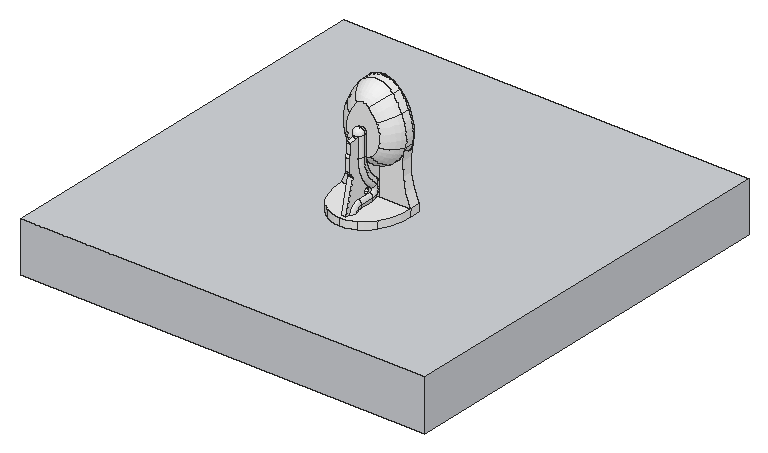
Revit family (continued)
Automatic sketch dimensions
  curve 46 to curve 46 = 0' - 0.10665"  (x2)
  curve 41 to curve 45 = 0' - 1.40175"
  curve 46 to curve 46 = 0' - 0.51926"
  curve 41 to curve 42 = 0' - 0.84817"
  curve 42 to curve 44 = 0' - 0.49317"
  curve 42 to curve 42 = 0' - 0.18617"
  curve 44 to curve 44 = 0' - 0.192"
  curve 42 to curve 41 = 0' - 0.18125"
  curve 44 to curve 45 = 0' - 0.18559"
  curve 42 to curve 42 = 0' - 0.1652"
  curve 44 to curve 47 = 0' - 0.27566"
  curve 43 to curve 44 = 0' - 0.17378"
  curve 44 to curve 5 = 1' - 3.48936"
  curve 13 to curve 5 = 0' - 0"  (x4)
  curve 5 to curve 1 = 0' - 0.83699"
  curve 1 to curve 2 = 0' - 0.64488"
  curve 1 to curve 4 = 0' - 0 1/2"
  curve 4 to curve 3 = 0' - 1"
  curve 3 to curve 2 = 0' - 0 1/4"  (x2)
  curve 3 to curve 1 = 0' - 0 1/2"  (x2)
  curve 1 to curve 5 = 0' - 0.83699"  (x2)
  curve 44 to curve 40 = 0' - 8.4123"
  curve 40 to curve 36 = 0' - 0.17378"  (x2)
  curve 36 to curve 35 = 0' - 0.32073"
  curve 40 to curve 38 = 0' - 0.26559"
  curve 35 to curve 34 = 0' - 0.1652"
  curve 38 to curve 37 = 0' - 0.18559"
  curve 35 to curve 35 = 0' - 0.18125"
  curve 37 to curve 37 = 0' - 0.192"
  curve 35 to curve 35 = 0' - 0.18617"
  curve 34 to curve 39 = 0' - 0.99412"
  curve 37 to curve 38 = 0' - 0.68669"
  curve 39 to curve 34 = 0' - 0.51926"
  curve 34 to curve 39 = 0' - 0.10665"  (x2)
  curve 39 to curve 39 = 0' - 0.34039"
  curve 2 to curve 1 = 0' - 0.64488"
  curve 5 to curve 13 = 0' - 0 1/16"
  curve 13 to curve 45 = 1' - 3.4562"
  curve 38 to curve 45 = 0' - 10.3697"
  curve 45 to curve 44 = 0' - 0.84286"
  curve 38 to curve 38 = 0' - 0.84286"
  curve 45 to curve 44 = 0' - 0.28568"
  curve 38 to curve 37 = 0' - 0.28568"
  curve 47 to curve 43 = 0' - 0.17378"
  curve 44 to curve 42 = 0' - 0.49317"
  curve 37 to curve 35 = 0' - 0.49317"
  curve 42 to curve 43 = 0' - 0.18605"
  curve 35 to curve 35 = 0' - 0.18605"
  curve 35 to curve 39 = 0' - 0.84817"
  curve 42 to curve 41 = 0' - 0.84817"
  Masking region 12 sketch curve to plane 27 = 0' - 0"
  Masking region 12 sketch curve to plane 97 = 0' - 0.29737"
  Masking region 12 sketch curve to plane 133 = 0' - 0.09799"
  plane 1 "Top" to Masking region 12 sketch curve = 0' - 0.35355"
  Masking region 12 sketch curve to plane 10 "Toilet Offset" = 0' - 0.02585"
  Masking region 12 sketch curve to plane 28 = 0' - 0.15825"
  curve 18 to curve 19 = 0' - 0.91655"  (x2)
  curve 19 to curve 23 = 0' - 11.0615"
  curve 19 to curve 20 = 0' - 3.42183"
  curve 20 to curve 19 = 0' - 2.71475"
  curve 20 to curve 31 = 0' - 2.04823"
  curve 31 to curve 31 = 0' - 0.50499"
  curve 22 to curve 24 = 0' - 2.56467"
  curve 25 to curve 27 = 0' - 0.30208"
  curve 30 to curve 30 = 0' - 1.06066"
  curve 29 to curve 32 = 0' - 0.06959"
  curve 29 to curve 28 = 0' - 0.08929"
  curve 28 to curve 21 = 0' - 0.05257"  (x2)
  curve 33 to curve 23 = 0' - 0.34725"
  curve 20 to curve 29 = 0' - 2.53221"
  curve 21 to curve 27 = 0' - 2.52244"
  curve 28 to curve 28 = 0' - 1.57261"
  curve 24 to curve 25 = 0' - 6.07515"
  curve 26 to curve 48 = 0' - 2.7729"  (x2)
  curve 48 to curve 49 = 0' - 0.89683"
  curve 49 to curve 50 = 0' - 0.64488"
  curve 49 to curve 51 = 0' - 0 1/2"  (x2)
  curve 25 to curve 23 = 0' - 2.89883"
  curve 23 to curve 27 = 0' - 0.22164"
  curve 51 to curve 52 = 0' - 1"
  curve 52 to curve 50 = 0' - 0 1/4"  (x2)
  curve 52 to curve 49 = 0' - 0 1/2"  (x2)
  curve 49 to curve 48 = 0' - 0.89683"  (x2)
  curve 26 to curve 19 = 0' - 6.32817"
  curve 26 to curve 29 = 0' - 2.30989"
  curve 18 to curve 29 = 0' - 2.02725"
  curve 28 to curve 29 = 0' - 0.08929"
  curve 29 to curve 28 = 0' - 1.19207"  (x2)
  curve 27 to curve 25 = 0' - 2.33863"
  curve 27 to curve 22 = 0' - 2.78367"
  curve 22 to curve 22 = 0' - 4.32497"
  curve 22 to curve 24 = 0' - 2.57137"
  curve 24 to curve 26 = 0' - 9.75255"
  curve 30 to curve 32 = 0' - 0"  (x6)
  curve 31 to curve 32 = 0' - 0"  (x4)
  curve 30 to curve 31 = 0' - 0"  (x2)
  curve 30 to curve 33 = 0' - 0"  (x2)
  curve 31 to curve 33 = 0' - 0"  (x2)
  curve 32 to curve 33 = 0' - 0"  (x2)
  curve 52 to curve 52 = 0' - 0.59445"
  curve 17 to plane 11 = 0' - 0"
  curve 15 to plane 43 = 0' - 0"
  curve 12 to plane 43 = 0' - 0"
  curve 14 to plane 3 "Center (Left/Right)" = 0' - 0"
  curve 11 to plane 11 = 0' - 0"
  curve 11 to plane 42 = 0' - 0"
  curve 14 to plane 42 = 0' - 0"
  curve 16 to plane 11 = 0' - 0"
  curve 12 to plane 11 = 0' - 0"
  plane 43 to curve 17 = 0' - 0 3/4"
  curve 14 to plane 42 = 0' - 0 3/4"
  plane 6 "Center (Top/Bottom)" to curve 8 = 0' - 2.00861"
  curve 6 to curve 8 = 0' - 0"
  curve 6 to curve 14 = 0' - 1.36639"
  curve 9 to curve 14 = 0' - 0.63561"
  curve 10 to curve 14 = 0' - 0.24897"
  curve 14 to curve 6 = 0' - 0.96985"
  plane 26 to curve 19 = 0' - 0"
  curve 25 to plane 11 = 0' - 0"
  curve 27 to plane 12 = 0' - 0"
  plane 10 "Toilet Offset" to curve 26 = 0' - 0"
  curve 25 to plane 27 = 0' - 0"
  plane 10 "Toilet Offset" to curve 48 = 0' - 0"
  plane 38 to curve 50 = 0' - 0"
  plane 37 to curve 52 = 0' - 0"
  curve 30 to plane 6 "Center (Top/Bottom)" = 0' - 0.00081"
  plane 26 to curve 19 = 0' - 0.46828"
  plane 6 "Center (Top/Bottom)" to curve 19 = 0' - 1.89989"
  plane 6 "Center (Top/Bottom)" to curve 19 = 0' - 1.99146"
  plane 82 to curve 22 = 0' - 0.43319"
  plane 6 "Center (Top/Bottom)" to curve 22 = 0' - 2.11296"
  curve 19 to plane 7 "Bottom of Toilet" = 0' - 2.05105"
  plane 12 to curve 30 = 0' - 0.26749"
  curve 32 to curve 29 = 0' - 0.11508"
  curve 29 to curve 28 = 0' - 0.01769"
  curve 29 to curve 33 = 0' - 0.05493"
  curve 28 to curve 21 = 0' - 0.04497"
  curve 32 to curve 23 = 0' - 0.34166"
  curve 29 to plane 134 = 0' - 1.23243"
  curve 27 to plane 134 = 0' - 0.32909"
  curve 25 to plane 133 = 0' - 0.10615"
  curve 48 to plane 1 "Top" = 0' - 0.46956"
  curve 49 to plane 1 "Top" = 0' - 0.71956"
  curve 49 to curve 50 = 0' - 0 1/4"
  curve 23 to plane 28 = 0' - 0.38607"
  curve 27 to plane 28 = 0' - 0.18094"
  plane 28 to curve 52 = 0' - 0 1/2"
  curve 49 to curve 48 = 0' - 0 1/4"
  curve 29 to plane 26 = 0' - 2.02725"
  curve 28 to curve 29 = 0' - 0.08752"
  curve 28 to curve 21 = 0' - 0.02723"
  plane 9 "Center (Front/Back)" to curve 27 = 0' - 1.84481"
  curve 27 to curve 25 = 0' - 0.26792"
  curve 24 to plane 82 = 0' - 0.32597"
  plane 8 "Front" to curve 26 = 0' - 0.10218"
  curve 5 to level = 0' - 0"
  curve 13 to plane 10 "Toilet Offset" = 0' - 0"
  curve 4 to plane 37 = 0' - 0"
  curve 4 to plane 42 = 0' - 0"
  curve 3 to plane 38 = 0' - 0"
  curve 3 to plane 43 = 0' - 0"
  curve 2 to plane 42 = 0' - 0 1/4"
  curve 1 to plane 42 = 0' - 0 1/2"
  curve 13 to plane 42 = 0' - 0 3/4"
  curve 47 to plane 42 = 0' - 3.70615"
  curve 43 to curve 47 = 0' - 0.00909"
  curve 47 to plane 135 = 0' - 0.76592"
  curve 43 to plane 135 = 0' - 1.08046"
  curve 43 to curve 43 = 0' - 0.06273"
  curve 44 to curve 44 = 0' - 0.15212"
  curve 45 to plane 135 = 0' - 0.37467"
  curve 42 to curve 43 = 0' - 0.10383"
  curve 44 to curve 45 = 0' - 0.03641"
  curve 42 to curve 42 = 0' - 0.07897"
  curve 44 to curve 44 = 0' - 0.19174"
  curve 42 to curve 42 = 0' - 0.18592"
  plane 82 to curve 46 = 0' - 0.40973"
  curve 46 to curve 41 = 0' - 0.57405"
  curve 45 to plane 135 = 0' - 0.20983"
  curve 45 to curve 44 = 0' - 0.59844"
  plane 82 to curve 41 = 0' - 0.82146"
  curve 41 to curve 46 = 0' - 0 81/256"
  curve 46 to curve 46 = 0' - 0.07994"
  curve 46 to curve 46 = 0' - 0.13284"
  plane 43 to curve 5 = 0' - 0 3/4"
  plane 43 to curve 40 = 0' - 3.70615"
  curve 36 to plane 135 = 0' - 0.76592"
  curve 37 to curve 36 = 0' - 0.00909"
  curve 36 to curve 35 = 0' - 0.06273"
  curve 36 to plane 135 = 0' - 1.08046"
  curve 38 to plane 135 = 0' - 0.37467"
  curve 40 to curve 38 = 0' - 0.15212"
  curve 35 to curve 34 = 0' - 0.10383"
  curve 38 to curve 37 = 0' - 0.03641"
  curve 35 to curve 35 = 0' - 0.07897"
  curve 37 to curve 37 = 0' - 0.19174"
  curve 35 to curve 35 = 0' - 0.18592"
  plane 82 to curve 39 = 0' - 0.40973"
  curve 34 to curve 39 = 0' - 0.57405"
  curve 38 to plane 135 = 0' - 0.20983"
  curve 37 to curve 38 = 0' - 0.59844"
  plane 82 to curve 34 = 0' - 0.82146"
  curve 39 to curve 34 = 0' - 0 81/256"
  curve 34 to curve 39 = 0' - 0.07994"
  curve 39 to curve 39 = 0' - 0.13284"
  curve 45 to curve 44 = 0' - 0.17194"
  curve 38 to curve 37 = 0' - 0.17194"
  curve 42 to curve 41 = 0' - 0.17288"
  curve 35 to curve 34 = 0' - 0.17288"
Connectors (in)
  piping at (0, 1.71956, -1.92448), driven by "Flush Rate", driven by "CW Connection", driven by "Cold Water Radius", driven by "CW Connection", driven by "Cold Water Connector", driven by "CWFU"
    settings: on Extrusion 6, index 1, connector radius 3/4", flow factor 0, pipe flow 1.28 GPM, pressure drop 0.00 psi, fitting loss kfactor 0, connector angle 0.00°, fixture units 0, flow configuration 3, flow direction 1, fitting loss method 0, system type 20, connector reference index -1, connector utility 1, adjustable connector yes, is connector primary yes, fitting loss table "", connector description "Cold Water Connector"
  piping at (0, -10, 0), driven by "Actual Valve Water Flow", driven by "Waste Connection", driven by "Sanitary Radius", driven by "Waste Connection", driven by "Sanitary Connector"
    settings: on Sweep 11, index 2, connector radius 1 1/4", flow factor 0, pipe flow 0 GPM, pressure drop 0.00 psi, fitting loss kfactor 0, connector angle 0.00°, fixture units 0, flow configuration 0, flow direction 2, fitting loss method 0, system type 16, connector reference index -1, connector utility 1, adjustable connector yes, is connector primary no, fitting loss table "", connector description "Sanitary Connection"
Types (7): name | Finish
  (no name) | Vitreous_China-Kohler-0-White
  Vitreous_China-0-White | Vitreous_China-Kohler-0-White
  Vitreous_China-7-Black_Black | Vitreous_China-Kohler-7-Black_Black
  Vitreous_China-33-Mexican_Sand | Vitreous_China-Kohler-33-Mexican_Sand
  Vitreous_China-47-Almond | Vitreous_China-Kohler-47-Almond
  Vitreous_China-96-Biscuit | Vitreous_China-Kohler-96-Biscuit
  Vitreous_China-G9-Sandbar | Vitreous_China-Kohler-G9-Sandbar
